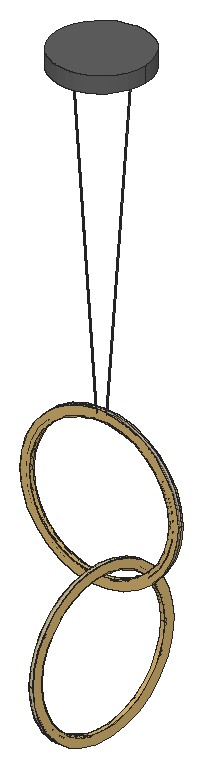
Revit family "Circus Light 500", category Lighting Fixtures, Revit 2015
Parameters (values of type "Circus Light 500 -Two Rings")
  Manufacturer = "RESIDENT"
  Ceiling height [instance] = 4000 mm
Reference planes
  plane 1 "Center (Front/Back)": y = 0
  plane 2: z = 0
  plane 3 "Center (Left/Right)": x = 0
  plane 4: z = 4000
  plane 5: z = 3950
  plane 6: z = 3950
  plane 7: z = 3950
Forms (mm)
  Extrusion 1, solid, material "Res_CircusCanopy"
    sketch origin (0, 0, 0) x (1, 0, 0) y (0, 1, 0)
      loop
        circle (0, 0) r 140
    from 3950 to 4000
  Extrusion 2, solid, material "Res_CircusCable"
    sketch origin (215.297, 0, 7.325) x (-0.996969, 0, -0.077796) y (0, -1, 0)
      loop
        circle (0, 0) r 1.5
    from 2965.132 to 3970.116
  Extrusion 3, solid, material "Res_CircusCable"
    sketch origin (-215.297, 0, 7.325) x (0.996969, 0, -0.077796) y (0, 1, 0)
      loop
        circle (0, 0) r 1.5
    from 2965.132 to 3970.116
  Extrusion 4, solid, material "Res_CircusCable", not visible
    sketch origin (215.297, 0, 7.325) x (-0.996969, 0, -0.077796) y (0, -1, 0)
      loop
        circle (0, 0) r 1.5
    from 2965.132 to 3970.116
  Extrusion 5, solid, material "Res_CircusCable", not visible
    sketch origin (-215.297, 0, 7.325) x (0.996969, 0, -0.077796) y (0, 1, 0)
      loop
        circle (0, 0) r 1.5
    from 2965.132 to 3970.116
Dimensions and locks
  "Ceiling height": plane 4 to level
  locked: plane 4 to plane 5 at 50
  plane 5 to nested 1 to nested 1 to nested 2 = 1000.467 mm locked, 439.066 mm locked, 0 mm locked
  aligned and locked: level to plane 2
  aligned and locked: plane 4 to Extrusion 1
  aligned and locked: Extrusion 1 to plane 5  (x2)
  aligned and locked: Extrusion 1 to plane 4
  aligned and locked: plane 5 to plane 6
Automatic sketch dimensions
  plane 1 "Center (Front/Back)" to Extrusion 1 sketch curve = 0 mm
  Extrusion 1 sketch curve to plane 3 "Center (Left/Right)" = 0 mm
  radius of Extrusion 1 sketch curve = 140 mm
  radius of Extrusion 2 sketch curve = 1.5 mm
  radius of Extrusion 3 sketch curve = 1.5 mm
  radius of Extrusion 4 sketch curve = 1.5 mm
  radius of Extrusion 5 sketch curve = 1.5 mm
Nested families
  nested 1: "Nested ring" at (0, 0, 2730), type "Nested ring"
  nested 2: "Nested ring" at (0, 0, 2290.934) x (-0.0872, -0.9962, 0) z (0, 0, 1), type "Nested ring"
Definition of nested family "Nested ring"
  Parameters (values of type "Nested ring")
    Manufacturer = "RESIDENT"
  Reference planes
    plane 1 "Light Source Axis (F/B)": y = 0
    plane 2: z = 0
    plane 3 "Light Source Axis (L/R)": x = 0
    plane 4 "Light Source Elevation": z = 0
    plane 5 "Top": z = 219.533
    plane 6 "Bottom": z = -219.533
  Forms (mm)
    Sweep 1, solid
      path origin (0, 0, 0) x (1, 0, 0) y (0, 0, 1)
        loop
          circle (0, 0) r 250
      profile origin (0, 0, 250) x (0, 0, -1) y (0, -1, 0)
        loop
          line (0, -7.5) -> (29, -7.5)
          arc (29, -7.5) -> (29.707, -7.207) -> (30, -6.5) r 1
          line (30, -6.5) -> (30, 6.5)
          arc (30, 6.5) -> (29.707, 7.207) -> (29, 7.5) r 1
          line (29, 7.5) -> (0, 7.5) -> (0, 5.5) -> (18, 5.5) -> (18, -5.5) -> (0, -5.5) -> (0, -7.5)
    Sweep 2, solid
      path origin (0, 0, 0) x (1, 0, 0) y (0, 0, 1)
        loop
          circle (0, 0) r 250
      profile origin (0, 0, 250) x (0, 0, -1) y (0, -1, 0)
        loop
          line (18, 5.5) -> (1, 5.5) -> (1, -5.5) -> (18, -5.5) -> (18, 5.5)
  Dimensions and locks
    Sweep 1 to Sweep 1 = 15 mm
    aligned and locked: level to plane 2
